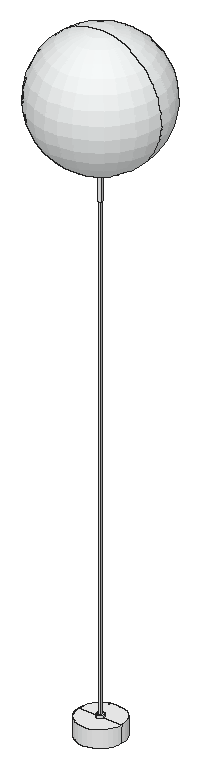
Revit family "56591.1_HOST_FACE_2015", category Lighting Fixtures, host Face, Revit 2015 (continued)
Types (5): name | Wattage | built-in parameter 1150134 | Photometric Web File | built-in parameter 1150142 | Model | built-in parameter 1150105 | Lumens | Lamp | built-in parameter 1150107 | built-in parameter 1150106 | Description | Default Elevation
    6 36.07 36.11 36.12 36.05 35.98 35.91 35.84 35.71 35.54 35.27 34.98 34.63 34.28 33.90 33.52 33.12 32.00\r\n0.99 1.08 1.17 1.26 1.35 1.44 1.53 1.62 1.71 1.82 1.93 2.17 2.42 2.85 3.29 3.83 4.38 5.04 5.82 6.67 7.52 8.43 9.34 10.27 11.18 12.14 13.08 14.05 15.00 15.97 16.92 17.88 18.85 19.82 20.82 21.72 22.63 23.49 24.33 25.14 25.93 26.72 27.49 28.19 28.87 29.50 \r\n30.11 30.67 31.22 31.73 32.22 32.63 33.01 33.31 33.60 33.84 34.12 34.35 34.56 34.70 34.81 34.85 34.87 34.81 34.75 34.57 34.38 34.13 33.88 33.60 33.32 33.02 32.00\r\n0.99 1.05 1.11 1.17 1.23 1.29 1.35 1.41 1.47 1.55 1.62 1.84 2.07 2.46 2.86 3.36 3.87 4.44 5.01 5.65 6.30 7.03 7.76 8.52 9.31 10.09 10.93 11.75 12.62 13.46 14.34 15.20 16.13 17.03 17.96 18.82 19.68 20.53 21.39 22.22 23.05 23.85 24.69 25.43 26.16 26.85 \r\n27.54 28.19 28.82 29.44 30.05 30.56 31.06 31.50 31.92 32.31 32.68 32.98 33.27 33.48 33.67 33.78 33.89 33.92 33.95 33.87 33.78 33.63 33.47 33.30 33.12 32.91 32.00\r\n0.99 1.02 1.05 1.08 1.11 1.14 1.17 1.20 1.23 1.27 1.32 1.51 1.70 2.05 2.42 2.88 3.35 3.87 4.40 4.99 5.59 6.25 6.93 7.65 8.38 9.12 9.88 10.66 11.45 12.27 13.10 13.91 14.74 15.60 16.46 17.30 18.15 18.95 19.76 20.54 21.33 22.12 22.91 23.65 24.39 25.09 25.78 \r\n26.43 27.07 27.70 28.32 28.86 29.40 29.89 30.37 30.81 31.25 31.62 31.98 32.26 32.53 32.72 32.91 33.03 33.15 33.16 33.17 33.12 33.07 32.99 32.91 32.81 32.00\r\n0.99 0.99 0.99 0.99 0.99 0.99 0.99 0.99 0.99 1.00 1.01 1.17 1.33 1.65 1.96 2.39 2.81 3.29 3.77 4.32 4.86 5.47 6.07 6.76 7.44 8.13 8.82 9.55 10.28 11.07 11.85 12.62 13.39 14.18 14.97 15.79 16.61 17.38 18.14 18.90 19.66 20.40 21.13 21.88 22.63 23.33 24.03 \r\n24.69 25.34 25.97 26.60 27.18 27.76 28.29 28.82 29.33 29.83 30.27 30.70 31.05 31.39 31.67 31.94 32.15 32.35 32.46 32.57 32.62 32.66 32.69 32.71 32.71 32.00\r\n0.99 0.99 0.99 0.99 0.99 0.99 0.99 0.99 0.99 1.00 1.01 1.16 1.31 1.62 1.94 2.35 2.77 3.25 3.73 4.26 4.80 5.39 5.99 6.64 7.30 7.97 8.65 9.36 10.07 10.82 11.57 12.32 13.08 13.87 14.66 15.46 16.27 17.02 17.77 18.51 19.26 19.98 20.70 21.44 22.18 22.87 23.56 \r\n24.23 24.90 25.52 26.15 26.72 27.30 27.84 28.37 28.88 29.38 29.83 30.28 30.64 31.01 31.31 31.61 31.85 32.08 32.22 32.36 32.44 32.52 32.58 32.64 32.67 32.00\r\n0.99 0.99 0.99 0.99 0.99 0.99 0.99 0.99 1.00 1.00 1.01 1.15 1.30 1.59 1.90 2.31 2.72 3.19 3.68 4.20 4.72 5.30 5.88 6.51 7.15 7.79 8.48 9.15 9.87 10.56 11.29 12.02 12.78 13.55 14.34 15.13 15.93 16.66 17.40 18.13 18.86 19.57 20.29 21.01 21.74 22.42 23.11 \r\n23.79 24.46 25.08 25.71 26.28 26.86 27.39 27.94 28.44 28.95 29.40 29.86 30.25 30.64 30.96 31.29 31.55 31.81 31.98 32.15 32.26 32.38 32.47 32.57 32.64 32.00\r\n0.99 0.99 0.99 0.99 1.00 0.99 0.99 0.99 1.00 1.01 1.01 1.13 1.27 1.56 1.86 2.26 2.66 3.13 3.61 4.12 4.63 5.19 5.75 6.36 6.97 7.64 8.32 9.00 9.68 10.40 11.12 11.86 12.63 13.37 14.15 14.90 15.68 16.42 17.17 17.89 18.62 19.32 20.02 20.74 21.46 22.13 22.80 \r\n23.46 24.12 24.73 25.34 25.91 26.47 27.00 27.53 28.03 28.52 28.99 29.45 29.86 30.27 30.62 30.97 31.26 31.54 31.74 31.94 32.09 32.23 32.37 32.50 32.60 32.00\r\n0.99 0.99 0.99 1.00 1.00 0.99 0.99 1.00 1.00 1.01 1.01 1.12 1.24 1.52 1.82 2.20 2.60 3.05 3.52 4.01 4.51 5.05 5.60 6.20 6.80 7.48 8.18 8.85 9.51 10.24 10.97 11.70 12.44 13.18 13.95 14.67 15.42 16.18 16.95 17.67 18.39 19.08 19.78 20.49 21.20 21.87 22.53 \r\n23.17 23.82 24.43 25.04 25.61 26.17 26.72 27.25 27.75 28.24 28.68 29.12 29.52 29.91 30.29 30.66 30.97 31.27 31.51 31.74 31.92 32.09 32.26 32.43 32.57 32.00\r\n0.99 0.99 0.99 1.00 1.00 1.00 0.99 1.00 1.01 1.01 1.01 1.11 1.23 1.49 1.79 2.15 2.54 2.97 3.42 3.89 4.38 4.90 5.44 6.04 6.65 7.32 8.01 8.68 9.34 10.05 10.77 11.49 12.22 12.97 13.73 14.49 15.25 15.99 16.73 17.45 18.17 18.87 19.56 20.27 20.98 21.64 22.29 \r\n22.93 23.56 24.17 24.76 25.33 25.89 26.44 26.98 27.49 27.98 28.43 28.87 29.28 29.68 30.03 30.37 30.68 31.01 31.27 31.53 31.74 31.96 32.16 32.36 32.53 32.00\r\n0.99 0.99 1.00 1.00 1.00 1.00 0.99 1.00 1.01 1.01 1.01 1.10 1.23 1.46 1.74 2.09 2.47 2.88 3.31 3.78 4.27 4.80 5.35 5.93 6.53 7.16 7.82 8.48 9.16 9.85 10.56 11.27 11.99 12.75 13.52 14.30 15.08 15.80 16.52 17.24 17.96 18.66 19.36 20.07 20.76 21.43 22.09 \r\n22.72 23.35 23.96 24.55 25.13 25.69 26.22 26.74 27.25 27.73 28.18 28.63 29.05 29.45 29.82 30.17 30.47 30.78 31.05 31.33 31.57 31.82 32.05 32.29 32.50 32.00\r\n0.99 0.99 1.00 1.00 1.00 1.00 0.99 1.00 1.01 1.02 1.02 1.09 1.21 1.42 1.70 2.02 2.39 2.79 3.21 3.67 4.17 4.69 5.24 5.81 6.39 6.99 7.62 8.28 8.95 9.64 10.33 11.04 11.75 12.51 13.28 14.05 14.82 15.53 16.25 16.99 17.72 18.43 19.14 19.84 20.53 21.21 21.87 \r\n22.52 23.16 23.76 24.36 24.95 25.51 26.04 26.56 27.06 27.53 27.97 28.39 28.83 29.23 29.61 29.96 30.28 30.58 30.84 31.13 31.41 31.68 31.95 32.22 32.46 32.00\r\n0.99 0.99 1.00 1.00 1.00 1.00 0.99 1.00 1.02 1.02 1.02 1.07 1.20 1.38 1.65 1.95 2.31 2.69 3.11 3.55 4.05 4.56 5.09 5.63 6.20 6.80 7.42 8.07 8.73 9.40 10.09 10.79 11.51 12.27 13.04 13.80 14.55 15.26 15.98 16.73 17.47 18.20 18.91 19.61 20.29 20.97 21.63 \r\n22.29 22.92 23.55 24.16 24.77 25.34 25.87 26.39 26.89 27.36 27.81 28.23 28.64 29.02 29.41 29.77 30.10 30.41 30.68 30.96 31.24 31.55 31.85 32.15 32.43 32.00\r\n0.99 0.99 1.00 1.00 1.01 1.00 1.00 1.00 1.02 1.03 1.02 1.06 1.18 1.33 1.60 1.88 2.23 2.58 2.99 3.40 3.89 4.37 4.90 5.44 6.01 6.59 7.20 7.83 8.47 9.13 9.81 10.51 11.21 11.95 12.70 13.44 14.18 14.90 15.62 16.35 17.08 17.81 18.54 19.27 19.98 20.68 21.38 \r\n22.07 22.72 23.36 23.96 24.56 25.12 25.68 26.20 26.73 27.19 27.65 28.07 28.49 28.86 29.22 29.57 29.93 30.24 30.53 30.81 31.08 31.42 31.75 32.08 32.40 32.00\r\n0.99 1.00 1.00 1.00 1.01 1.01 1.00 1.01 1.02 1.03 1.03 1.04 1.16 1.27 1.54 1.81 2.14 2.48 2.87 3.26 3.72 4.18 4.70 5.22 5.76 6.31 6.92 7.53 8.16 8.81 9.50 10.20 10.90 11.62 12.35 13.08 13.81 14.53 15.25 15.96 16.67 17.38 18.12 18.86 19.57 20.27 20.97 \r\n21.69 22.37 23.07 23.73 24.36 24.92 25.48 26.00 26.53 27.02 27.51 27.92 28.35 28.71 29.08 29.40 29.76 30.07 30.38 30.67 30.94 31.29 31.65 32.02 32.36 32.00\r\n0.99 1.00 1.00 1.00 1.01 1.01 1.01 1.01 1.03 1.04 1.04 1.04 1.14 1.24 1.47 1.74 2.04 2.37 2.74 3.12 3.55 3.99 4.48 4.97 5.49 6.02 6.62 7.22 7.83 8.46 9.12 9.79 10.46 11.16 11.87 12.60 13.34 14.04 14.76 15.46 16.18 16.89 17.64 18.41 19.13 19.86 20.58 21.29\r\n 21.97 22.66 23.33 24.00 24.65 25.28 25.81 26.33 26.83 27.31 27.77 28.20 28.58 28.95 29.27 29.60 29.91 30.24 30.54 30.83 31.16 31.56 31.95 32.33 32.00\r\n0.99 1.00 1.00 1.00 1.01 1.01 1.01 1.01 1.03 1.05 1.05 1.05 1.12 1.22 1.40 1.66 1.94 2.26 2.60 2.97 3.37 3.80 4.25 4.72 5.22 5.74 6.30 6.87 7.46 8.06 8.70 9.34 10.00 10.68 11.39 12.12 12.86 13.55 14.26 14.96 15.67 16.38 17.13 17.90 18.61 19.35 20.09 20.83\r\n 21.55 22.26 22.93 23.60 24.26 24.91 25.56 26.14 26.65 27.13 27.59 28.04 28.44 28.81 29.15 29.48 29.75 30.09 30.41 30.73 31.04 31.47 31.89 32.30 32.00\r\n0.99 1.00 1.00 1.01 1.01 1.02 1.02 1.02 1.03 1.05 1.05 1.06 1.10 1.20 1.33 1.58 1.83 2.14 2.45 2.81 3.18 3.60 4.02 4.48 4.95 5.46 5.99 6.53 7.08 7.66 8.26 8.88 9.52 10.17 10.85 11.54 12.26 12.95 13.66 14.36 15.07 15.80 16.56 17.34 18.09 18.85 19.60 20.34 \r\n21.07 21.78 22.50 23.20 23.89 24.55 25.22 25.83 26.45 26.95 27.43 27.86 28.30 28.69 29.03 29.35 29.63 29.95 30.29 30.62 30.95 31.38 31.83 32.27 32.00\r\n0.99 1.00 1.00 1.01 1.01 1.02 1.02 1.02 1.04 1.05 1.06 1.07 1.08 1.18 1.27 1.50 1.73 2.01 2.30 2.65 3.00 3.39 3.79 4.23 4.67 5.15 5.63 6.14 6.67 7.22 7.81 8.42 9.04 9.66 10.31 10.97 11.65 12.36 13.06 13.76 14.46 15.18 15.94 16.70 17.46 18.23 19.03 19.81 \r\n20.59 21.31 22.03 22.75 23.48 24.21 24.88 25.51 26.14 26.74 27.26 27.69 28.14 28.55 28.92 29.23 29.52 29.81 30.17 30.52 30.87 31.29 31.77 32.24 32.00\r\n0.99 1.00 1.00 1.01 1.02 1.03 1.03 1.03 1.04 1.06 1.07 1.07 1.08 1.15 1.25 1.42 1.63 1.88 2.16 2.46 2.81 3.17 3.56 3.95 4.35 4.79 5.23 5.73 6.25 6.78 7.34 7.91 8.50 9.09 9.73 10.39 11.07 11.75 12.43 13.12 13.82 14.54 15.30 16.06 16.84 17.59 18.38 19.17 \r\n19.97 20.78 21.58 22.31 23.04 23.79 24.52 25.20 25.82 26.44 27.04 27.53 27.97 28.39 28.82 29.12 29.42 29.71 30.05 30.42 30.79 31.21 31.71 32.21 32.00\r\n0.99 1.00 1.00 1.01 1.02 1.03 1.03 1.03 1.04 1.06 1.08 1.08 1.09 1.13 1.22 1.33 1.54 1.74 2.01 2.28 2.61 2.94 3.29 3.65 4.03 4.42 4.86 5.32 5.81 6.32 6.84 7.38 7.94 8.51 9.15 9.81 10.49 11.13 11.80 12.48 13.18 13.90 14.66 15.40 16.17 16.95 17.74 18.55 \r\n19.35 20.18 20.99 21.84 22.62 23.37 24.10 24.86 25.52 26.15 26.75 27.35 27.81 28.24 28.67 29.00 29.32 29.61 29.94 30.33 30.71 31.12 31.66 32.18 32.00\r\n0.99 1.00 1.01 1.01 1.02 1.03 1.04 1.04 1.05 1.06 1.08 1.09 1.10 1.11 1.20 1.28 1.45 1.62 1.85 2.11 2.40 2.70 3.02 3.36 3.72 4.09 4.50 4.92 5.38 5.85 6.33 6.84 7.37 7.92 8.53 9.16 9.81 10.44 11.10 11.78 12.49 13.22 13.99 14.74 15.51 16.31 17.10 17.91 \r\n18.74 19.58 20.41 21.26 22.10 22.95 23.69 24.44 25.17 25.86 26.47 27.09 27.65 28.09 28.51 28.90 29.22 29.52 29.84 30.23 30.64 31.06 31.60 32.16 32.00\r\n0.99 1.00 1.01 1.01 1.02 1.03 1.04 1.05 1.05 1.07 1.09 1.10 1.11 1.12 1.19 1.26 1.36 1.52 1.68 1.95 2.19 2.48 2.75 3.08 3.42 3.77 4.15 4.52 4.94 5.37 5.82 6.30 6.80 7.33 7.91 8.51 9.12 9.74 10.40 11.08 11.78 12.50 13.25 14.01 14.81 15.64 16.46 17.29 18.13\r\n 18.97 19.84 20.70 21.57 22.42 23.30 24.04 24.80 25.54 26.21 26.83 27.43 27.95 28.36 28.76 29.12 29.43 29.76 30.15 30.57 31.00 31.55 32.13 32.00\r\n0.99 1.00 1.01 1.01 1.02 1.04 1.05 1.05 1.06 1.07 1.09 1.11 1.12 1.13 1.17 1.23 1.29 1.42 1.58 1.79 2.02 2.26 2.52 2.81 3.12 3.44 3.77 4.11 4.49 4.90 5.32 5.76 6.24 6.75 7.29 7.87 8.46 9.06 9.69 10.35 11.04 11.77 12.52 13.30 14.09 14.92 15.77 16.64 17.53 \r\n18.37 19.25 20.14 21.03 21.91 22.79 23.66 24.43 25.18 25.97 26.57 27.19 27.80 28.21 28.63 29.02 29.35 29.68 30.06 30.50 30.95 31.50 32.11 32.00\r\n0.99 1.00 1.01 1.01 1.03 1.04 1.05 1.06 1.07 1.08 1.10 1.12 1.13 1.14 1.16 1.21 1.26 1.33 1.49 1.65 1.86 2.06 2.30 2.54 2.82 3.10 3.40 3.72 4.04 4.43 4.82 5.23 5.69 6.17 6.68 7.22 7.79 8.37 8.98 9.61 10.29 11.02 11.76 12.54 13.36 14.23 15.08 15.95 16.85 \r\n17.78 18.66 19.58 20.48 21.42 22.30 23.21 24.07 24.84 25.62 26.32 26.96 27.57 28.07 28.51 28.92 29.27 29.61 29.98 30.43 30.90 31.45 32.08 32.00\r\n0.99 1.00 1.01 1.02 1.03 1.04 1.05 1.06 1.07 1.09 1.11 1.12 1.13 1.15 1.17 1.18 1.24 1.28 1.39 1.54 1.70 1.89 2.09 2.30 2.53 2.76 3.04 3.32 3.62 3.97 4.33 4.70 5.12 5.55 6.02 6.54 7.09 7.64 8.23 8.85 9.52 10.27 11.02 11.79 12.61 13.48 14.35 15.26 16.17 \r\n17.11 18.07 19.01 19.95 20.89 21.82 22.75 23.67 24.52 25.29 26.07 26.73 27.35 27.95 28.38 28.81 29.19 29.54 29.90 30.37 30.85 31.41 32.06 32.00\r\n0.99 1.00 1.01 1.02 1.03 1.04 1.05 1.06 1.08 1.09 1.11 1.13 1.14 1.15 1.17 1.19 1.22 1.26 1.30 1.43 1.56 1.72 1.88 2.07 2.26 2.48 2.70 2.94 3.22 3.52 3.84 4.17 4.54 4.93 5.36 5.85 6.38 6.91 7.47 8.09 8.75 9.47 10.20 11.00 11.85 12.73 13.63 14.55 15.52 \r\n16.46 17.44 18.44 19.42 20.38 21.36 22.30 23.25 24.18 24.98 25.79 26.50 27.14 27.80 28.26 28.70 29.12 29.48 29.84 30.31 30.80 31.37 32.04 32.00\r\n0.99 1.00 1.01 1.02 1.03 1.04 1.06 1.07 1.08 1.10 1.12 1.14 1.15 1.16 1.18 1.20 1.21 1.25 1.28 1.33 1.46 1.56 1.71 1.84 2.03 2.21 2.40 2.61 2.83 3.09 3.37 3.66 3.98 4.34 4.74 5.19 5.67 6.18 6.72 7.32 7.97 8.66 9.38 10.19 11.05 11.96 12.91 13.86 14.82 \r\n15.83 16.82 17.86 18.89 19.89 20.88 21.88 22.84 23.79 24.68 25.48 26.28 26.94 27.61 28.15 28.60 29.05 29.42 29.79 30.26 30.76 31.33 32.02 32.00\r\n0.99 1.00 1.01 1.02 1.03 1.04 1.06 1.07 1.09 1.10 1.12 1.15 1.16 1.17 1.19 1.20 1.22 1.24 1.27 1.30 1.36 1.46 1.55 1.68 1.82 1.97 2.13 2.29 2.48 2.70 2.93 3.18 3.45 3.78 4.13 4.52 4.96 5.45 5.96 6.54 7.19 7.84 8.55 9.36 10.25 11.20 12.16 13.16 14.16 15.17\r\n 16.22 17.26 18.32 19.40 20.42 21.45 22.44 23.42 24.39 25.20 26.02 26.75 27.43 28.04 28.51 29.00 29.36 29.74 30.21 30.72 31.29 32.00 32.00\r\n0.99 1.00 1.01 1.02 1.03 1.05 1.06 1.07 1.09 1.11 1.13 1.15 1.17 1.18 1.20 1.21 1.23 1.24 1.25 1.28 1.31 1.37 1.45 1.53 1.64 1.76 1.89 2.02 2.16 2.33 2.50 2.71 2.96 3.25 3.56 3.91 4.31 4.75 5.22 5.77 6.38 7.01 7.69 8.49 9.43 10.46 11.41 12.34 13.48 14.55 \r\n15.60 16.68 17.78 18.89 19.98 21.01 22.05 23.06 24.05 24.93 25.78 26.57 27.26 27.95 28.42 28.90 29.31 29.70 30.16 30.68 31.26 31.98 32.00\r\n0.99 1.00 1.01 1.02 1.03 1.05 1.06 1.08 1.09 1.11 1.14 1.16 1.17 1.18 1.20 1.22 1.24 1.25 1.27 1.28 1.31 1.33 1.37 1.42 1.49 1.58 1.68 1.78 1.89 2.01 2.15 2.33 2.52 2.74 3.01 3.31 3.65 4.04 4.47 4.98 5.56 6.18 6.84 7.62 8.60 9.60 10.46 11.45 12.66 13.93 \r\n15.01 16.12 17.25 18.41 19.54 20.60 21.68 22.70 23.72 24.69 25.55 26.40 27.11 27.83 28.34 28.83 29.26 29.66 30.12 30.65 31.22 31.97 32.00\r\n0.99 1.00 1.01 1.02 1.03 1.05 1.06 1.08 1.10 1.12 1.14 1.16 1.18 1.19 1.21 1.24 1.25 1.27 1.28 1.29 1.31 1.33 1.35 1.37 1.40 1.44 1.51 1.58 1.66 1.76 1.85 1.98 2.13 2.29 2.51 2.76 3.06 3.39 3.77 4.22 4.77 5.36 6.04 6.84 7.71 8.61 9.51 10.61 11.90 13.23 \r\n14.44 15.58 16.79 17.91 19.09 20.21 21.29 22.37 23.42 24.45 25.34 26.22 26.97 27.70 28.26 28.76 29.22 29.62 30.08 30.62 31.20 31.95 32.00\r\n0.99 1.00 1.01 1.02 1.03 1.05 1.06 1.08 1.10 1.12 1.14 1.16 1.18 1.19 1.22 1.25 1.26 1.28 1.29 1.30 1.32 1.34 1.35 1.35 1.36 1.37 1.40 1.44 1.49 1.55 1.62 1.70 1.81 1.90 2.05 2.23 2.46 2.74 3.06 3.48 3.98 4.56 5.19 5.95 6.79 7.65 8.66 9.88 11.27 12.58 \r\n13.87 15.07 16.26 17.46 18.66 19.83 20.94 22.07 23.14 24.22 25.15 26.05 26.84 27.58 28.20 28.71 29.18 29.59 30.04 30.59 31.17 31.94 32.00\r\n0.99 1.00 1.02 1.02 1.03 1.05 1.06 1.08 1.10 1.12 1.14 1.16 1.18 1.20 1.23 1.25 1.27 1.28 1.29 1.31 1.33 1.34 1.35 1.35 1.35 1.34 1.35 1.36 1.38 1.40 1.46 1.50 1.54 1.60 1.72 1.85 2.03 2.25 2.49 2.80 3.17 3.74 4.38 5.04 5.87 6.85 7.85 9.19 10.62 11.99 \r\n13.28 14.58 15.80 17.03 18.25 19.48 20.63 21.78 22.88 23.99 24.98 25.90 26.73 27.48 28.14 28.65 29.14 29.56 30.01 30.57 31.15 31.93 32.00\r\n0.99 1.00 1.02 1.02 1.03 1.05 1.06 1.09 1.10 1.12 1.14 1.17 1.19 1.21 1.23 1.26 1.27 1.29 1.30 1.31 1.33 1.35 1.35 1.35 1.34 1.33 1.33 1.33 1.33 1.34 1.36 1.37 1.39 1.41 1.45 1.50 1.59 1.76 1.95 2.23 2.58 2.99 3.55 4.28 5.15 6.18 7.23 8.49 9.95 11.36 \r\n12.72 14.14 15.38 16.64 17.90 19.15 20.35 21.52 22.66 23.79 24.83 25.76 26.63 27.39 28.08 28.61 29.11 29.53 29.98 30.55 31.13 31.92 32.00\r\n0.99 1.00 1.02 1.02 1.03 1.05 1.06 1.09 1.11 1.12 1.14 1.17 1.19 1.22 1.24 1.26 1.27 1.29 1.31 1.32 1.34 1.35 1.35 1.35 1.34 1.33 1.32 1.32 1.33 1.32 1.31 1.32 1.30 1.18 0.92 0.80 0.80 0.95 1.22 1.60 2.00 2.42 2.89 3.67 4.62 5.65 6.75 7.82 9.29 10.71 \r\n12.13 13.63 15.01 16.29 17.58 18.87 20.12 21.30 22.47 23.61 24.70 25.65 26.55 27.32 28.04 28.57 29.08 29.51 29.96 30.53 31.11 31.91 32.00\r\n0.99 1.00 1.02 1.02 1.03 1.05 1.06 1.09 1.11 1.13 1.14 1.17 1.20 1.22 1.24 1.26 1.28 1.30 1.32 1.33 1.34 1.35 1.35 1.35 1.35 1.34 1.33 1.32 1.32 1.33 1.31 1.30 1.07 0.63 0.31 0.09 0.00 0.11 0.41 0.86 1.39 1.94 2.51 3.15 4.18 5.15 6.21 7.39 8.75 10.12 \r\n11.63 13.22 14.68 16.00 17.32 18.64 19.92 21.12 22.31 23.47 24.59 25.55 26.49 27.26 28.00 28.53 29.06 29.49 29.94 30.51 31.09 31.90 32.00\r\n0.99 1.00 1.02 1.02 1.03 1.04 1.06 1.09 1.12 1.13 1.14 1.17 1.20 1.23 1.25 1.26 1.28 1.30 1.32 1.33 1.35 1.35 1.35 1.35 1.34 1.34 1.33 1.33 1.33 1.32 1.31 1.18 0.64 0.15 0.00 0.00 0.00 0.00 0.00 0.20 0.83 1.56 2.24 2.89 3.73 4.71 5.79 7.07 8.43 9.89 11.39\r\n 12.94 14.42 15.78 17.12 18.45 19.76 20.98 22.19 23.36 24.50 25.48 26.43 27.21 27.97 28.51 29.04 29.48 29.92 30.50 31.08 31.90 32.00\r\n0.99 1.00 1.02 1.02 1.02 1.04 1.06 1.09 1.12 1.14 1.15 1.17 1.20 1.23 1.25 1.27 1.28 1.30 1.31 1.33 1.35 1.35 1.35 1.35 1.34 1.33 1.33 1.33 1.32 1.31 1.31 0.90 0.30 0.00 0.00 0.00 0.00 0.00 0.00 0.00 0.41 1.23 2.02 2.71 3.51 4.51 5.57 6.90 8.25 9.75 11.26\r\n 12.78 14.26 15.62 16.99 18.32 19.65 20.88 22.10 23.28 24.44 25.42 26.39 27.17 27.95 28.49 29.03 29.47 29.92 30.50 31.08 31.89 32.00\r\n0.99 1.00 1.02 1.02 1.02 1.04 1.06 1.09 1.13 1.14 1.16 1.17 1.20 1.23 1.26 1.27 1.29 1.31 1.32 1.33 1.34 1.34 1.34 1.35 1.35 1.34 1.33 1.32 1.32 1.32 1.31 0.72 0.08 0.00 0.00 0.00 0.00 0.00 0.00 0.00 0.11 1.01 1.91 2.67 3.45 4.48 5.54 6.84 8.13 9.66 11.19\r\n 12.67 14.16 15.52 16.89 18.23 19.57 20.81 22.05 23.23 24.40 25.39 26.37 27.15 27.93 28.48 29.02 29.47 29.91 30.49 31.07 31.89 32.00\r\n0.99 1.01 1.02 1.02 1.02 1.04 1.06 1.10 1.13 1.15 1.16 1.18 1.19 1.23 1.26 1.28 1.30 1.32 1.33 1.33 1.33 1.33 1.33 1.33 1.33 1.33 1.33 1.33 1.33 1.32 1.
